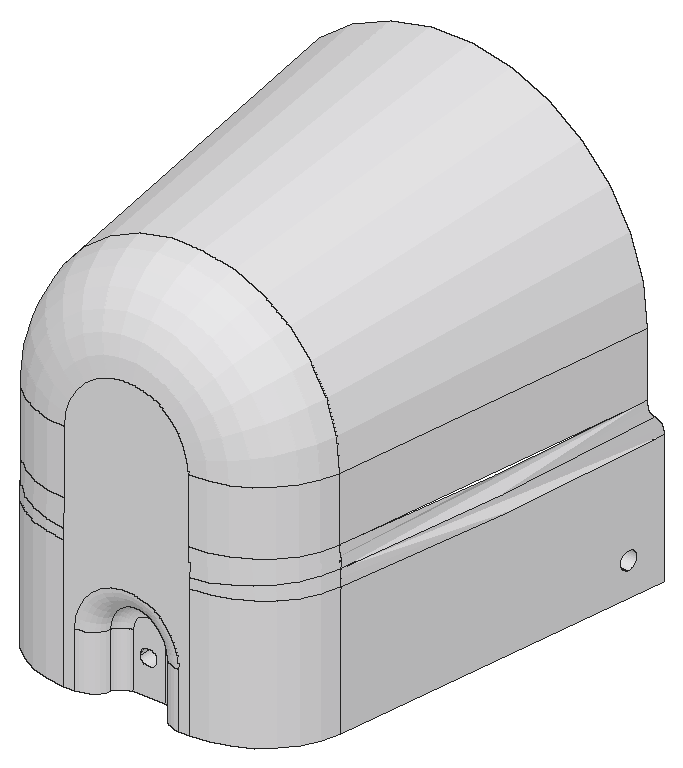
Revit family "Accessory-Shroud-KOHLER-Brenham-K-1998", category Specialty Equipment, host Face, Revit 2021
Family settings
  Host = Face
  Round Connector Dimension = Use Diameter
  Part Type = Normal
  OmniClass Number = 23.31.25.00
  OmniClass Title = Toilet and Bath Specialties
  Cut with Voids When Loaded = No
  Shared = No
  Room Calculation Point = No
Parameters (values of type "0-White")
  Width = 9 197/256"  # constant formula
  WaterSense Certified = 1 = 0  # no
  URL = "https://www.us.kohler.com/us/"
  Type = 1
  Product Page URL = "http://www.us.kohler.com/us/catalog/productDetails.jsp?productNumber=1998"
  Product Name = "Brenham"  # constant formula
  Product Documentation Link = "https://www.us.kohler.com/webassets/kpna/catalog/pdf/en/K-1998_spec_US-CA_Kohler_en.pdf"
  Model = if(Type = 1, "K-1998-0", if(Type = 2, "K-1998-7", if(Type = 3, "K-1998-96", if(Type = 4, "K-1998-SS-0", "NA"))))  # "K-1998-0"
  Material = "Vitreous China"  # constant formula
  Master Format 2014 Name = "Toilet, Bath, and Laundry Accessories"  # constant formula
  Master Format 2014 = "10 28 00"  # constant formula
  Manufacturer Address = "444 Highland Dr, Kohler, WI 53044"  # constant formula
  Manufacturer = "Kohler Co."  # constant formula
  Length = 10 161/256"  # constant formula
  Height = 10 61/128"  # constant formula
  Finish = Kohler-Vitreous_China-0-White
  Environmental Product Declaration = ""
  Description = "Shroud"  # constant formula
  Default Elevation = 28"
  Declare Label = ""
  Date Modified = "05/02/2023"  # constant formula
  Date Created = "05/02/2023"  # constant formula
  Copyright = "Copyright Kohler Co."  # constant formula
  Contact Us = "https://www.us.kohler.com/us/static/contact.jsp"
  Assembly Code = "C1030200"
  ADA Compliant = 1 = 1  # yes
Types (5): name | Type | Product Page URL | Product Documentation Link | Model | Finish
  (no name) | 1 | "http://www.us.kohler.com/us/catalog/productDetails.jsp?productNumber=1998" | "https://www.us.kohler.com/webassets/kpna/catalog/pdf/en/K-1998_spec_US-CA_Kohler_en.pdf" | "K-1998-0" | Kohler-Vitreous_China-0-White
  0-White | 1 | "http://www.us.kohler.com/us/catalog/productDetails.jsp?productNumber=1998" | "https://www.us.kohler.com/webassets/kpna/catalog/pdf/en/K-1998_spec_US-CA_Kohler_en.pdf" | "K-1998-0" | Kohler-Vitreous_China-0-White
  7-Black Black | 2 | "http://www.us.kohler.com/us/catalog/productDetails.jsp?productNumber=1998" | "https://www.us.kohler.com/webassets/kpna/catalog/pdf/en/K-1998_spec_US-CA_Kohler_en.pdf" | "K-1998-7" | Kohler-Vitreous_China-7-Black_Black
  96-Biscuit | 3 | "http://www.us.kohler.com/us/catalog/productDetails.jsp?productNumber=1998" | "https://www.us.kohler.com/webassets/kpna/catalog/pdf/en/K-1998_spec_US-CA_Kohler_en.pdf" | "K-1998-96" | Kohler-Vitreous_China-96-Biscuit
  SS, 0-White | 4 | "http://www.us.kohler.com/us/catalog/productDetails.jsp?productNumber=1998-SS" | "https://www.us.kohler.com/webassets/kpna/catalog/pdf/en/K-1998-SS_spec_US-CA_Kohler_en.pdf" | "K-1998-SS-0" | Kohler-Vitreous_China-0-White
Reference planes (in)
  plane 1 "Center (Front/Back)": y = 0
  plane 2: z = 0
  plane 3 "Center (Left/Right)": x = 0
  plane 4: y = 5.23819
  plane 5: y = -5.23837
  plane 6: x = -4.88386
  plane 7: y = 4.801
  plane 8: y = 4.23819
  plane 9: z = 0.88189
  plane 10: x = 4.88567
  plane 11: z = 10.62891
Dimensions and locks (in)
  "Height": plane 4 to plane 5
  "Width": plane 6 to plane 10
  plane 5 to plane 7 = 10.03937"
  plane 8 to plane 4 = 1"
  host face to plane 9 = 0.88189"
  "Length": plane 11 to level
  aligned and locked: plane 2 to host face
  aligned and locked: level to host face
  aligned and locked: plane 3 "Center (Left/Right)" to nested 1
  aligned and locked: plane 1 "Center (Front/Back)" to nested 1
Automatic sketch dimensions
  host sketch curve to host sketch curve = 96"  (x2)
Nested families (in)
  nested 1: "K-1998" at (0, 0, 0), type "K-1998"
Definition of nested family "K-1998"
  Parameters
    Material = none
    Default Elevation = 0"
  Reference planes (in)
    plane 1 "Center (Front/Back)": y = 0
    plane 2: z = 0
    plane 3 "Center (Left/Right)": x = 0
    plane 4: x = 4.88386
    plane 5: x = -4.88386
    plane 6: y = 5.23819
    plane 7: y = -5.23819
    plane 8: y = 4.23819
    plane 9: y = 4.80118
    plane 10: z = 10.62992
    plane 11: z = 0.88189
  Forms (in)
    Sweep 1, solid, material <- "Material", detail levels medium+fine
      path origin (0, 0, 0) x (1, 0, 0) y (0, 0, 1)
        loop
          line (4.88386, 0) -> (4.88386, 3.26224)
          arc (4.88386, 3.26224) -> (4.87982, 3.4991) -> (4.86769, 3.73568) r 6.94092
          arc (4.86769, 3.73568) -> (4.8562, 3.96004) -> (4.85236, 4.18466) r 6.58232
          line (4.85236, 4.18466) -> (4.85236, 5.77756)
          arc (4.85236, 5.77756) -> (0, 10.62992) -> (-4.85236, 5.77756) r 4.85236
          line (-4.85236, 5.77756) -> (-4.85236, 4.18466)
          arc (-4.85236, 4.18466) -> (-4.8562, 3.96004) -> (-4.86769, 3.73568) r 6.58232
          arc (-4.86769, 3.73568) -> (-4.87982, 3.4991) -> (-4.88386, 3.26224) r 6.94092
          line (-4.88386, 3.26224) -> (-4.88386, 0)
      profile origin (0, 0, 10.62992) x (0, 0, -1) y (0, -1, 0)
        loop
          line (-0.03643, -5.23819) -> (0.39797, -5.23819)
          arc (0.39797, -5.23819) -> (0.84224, -0.9634) -> (1.5002, 3.28376) r 85.72152
          arc (1.5002, 3.28376) -> (2.1347, 4.37472) -> (3.32111, 4.80512) r 1.85039
          line (3.32111, 4.80512) -> (3.54331, 4.80512) -> (3.54331, 5.23819) -> (3.32111, 5.23819)
          arc (3.32111, 5.23819) -> (1.85703, 4.70706) -> (1.07403, 3.36076) r 2.28346
          arc (1.07403, 3.36076) -> (0.41056, -0.92473) -> (-0.03643, -5.23819) r 86.15459
    Extrusion 2, solid, material <- "Material", detail levels medium+fine
      sketch origin (1.56275, -5.23819, 0) x (0, 0, 1) y (-1, 0, 0)
        loop
          arc (3.26224, 0.2222) -> (3.37818, 0.22418) -> (3.49399, 0.23011) r 3.39761
          arc (3.49399, 0.23011) -> (3.83913, 0.2478) -> (4.18466, 0.2537) r 10.12563
          line (4.18466, 0.2537) -> (5.77756, 0.2537)
          arc (5.77756, 0.2537) -> (7.08661, 1.56275) -> (5.77756, 2.87181) r 1.30906
          line (5.77756, 2.87181) -> (4.18466, 2.87181)
          arc (4.18466, 2.87181) -> (3.83913, 2.8777) -> (3.49399, 2.89539) r 10.12563
          arc (3.49399, 2.89539) -> (3.37818, 2.90132) -> (3.26224, 2.9033) r 3.39761
          line (3.26224, 2.9033) -> (1.37562, 2.9033)
          arc (1.37562, 2.9033) -> (2.71617, 1.56275) -> (1.37562, 0.2222) r 1.34055
          line (1.37562, 0.2222) -> (3.26224, 0.2222)
      from 0 to -0.43307
    Sweep 3, solid, material <- "Material", detail levels medium+fine
      path origin (1.56275, -5.23819, 0) x (0, 0, 1) y (-1, 0, 0)
        loop
          line (0, 0.2222) -> (1.37562, 0.2222)
          arc (1.37562, 0.2222) -> (2.71617, 1.56275) -> (1.37562, 2.9033) r 1.34055
          line (1.37562, 2.9033) -> (0, 2.9033)
      profile origin (1.34055, -5.23819, 0.68781) x (-1, 0, 0) y (0, -1, 0)
        loop
          line (0.05741, 0) -> (0, 0) -> (0, -0.43307) -> (0.05741, -0.43307)
          arc (0.05741, -0.43307) -> (0.14376, -0.46245) -> (0.19428, -0.53839) r 0.1416
          arc (0.19428, -0.53839) -> (0.47274, -0.95695) -> (0.94868, -1.11886) r 0.78045
          line (0.94868, -1.11886) -> (1.11414, -1.11886) -> (1.11414, -0.68579) -> (0.94868, -0.68579)
          arc (0.94868, -0.68579) -> (0.73684, -0.61372) -> (0.61289, -0.42742) r 0.34738
          arc (0.61289, -0.42742) -> (0.40786, -0.11922) -> (0.05741, 0) r 0.57467
    Extrusion 4, solid, material <- "Material", detail levels medium+fine
      sketch origin (0, -4.11932, 0) x (0, 0, 1) y (1, 0, 0)
        loop
          line (0, 0.28645) -> (0, -0.28645) -> (1.37562, -0.28645)
          arc (1.37562, -0.28645) -> (1.66206, 0) -> (1.37562, 0.28645) r 0.28645
          line (1.37562, 0.28645) -> (0, 0.28645)
        loop
          circle (0.88, 0) r 0.20472
      from 0 to -0.43307
    Extrusion 5, void
      sketch origin (0, 0, 0) x (0, 1, 0) y (0, 0, 1)
        loop
          arc (4.80118, 4.1467) -> (4.83256, 3.97739) -> (4.92253, 3.83057) r 0.47244
          line (4.92253, 3.83057) -> (5.11684, 3.61477)
          arc (5.11684, 3.61477) -> (5.20681, 3.46795) -> (5.23819, 3.29865) r 0.47244
          line (5.23819, 3.29865) -> (5.23819, 10.77756) -> (4.80118, 10.77756) -> (4.80118, 4.1467)
        loop
          circle (4.23819, 0.88) r 0.22
      from -7.39054 to 7.12261
    Sweep 6, solid, material <- "Material", detail levels coarse
      path origin (0, 0, 0) x (1, 0, 0) y (0, 0, 1)
        loop
          line (4.88386, 0) -> (4.88386, 3.26224)
          arc (4.88386, 3.26224) -> (4.87982, 3.4991) -> (4.86769, 3.73568) r 6.94092
          arc (4.86769, 3.73568) -> (4.8562, 3.96004) -> (4.85236, 4.18466) r 6.58232
          line (4.85236, 4.18466) -> (4.85236, 5.77756)
          arc (4.85236, 5.77756) -> (0, 10.62992) -> (-4.85236, 5.77756) r 4.85236
          line (-4.85236, 5.77756) -> (-4.85236, 4.18466)
          arc (-4.85236, 4.18466) -> (-4.8562, 3.96004) -> (-4.86769, 3.73568) r 6.58232
          arc (-4.86769, 3.73568) -> (-4.87982, 3.4991) -> (-4.88386, 3.26224) r 6.94092
          line (-4.88386, 3.26224) -> (-4.88386, 0)
      profile origin (0, 0, 10.62992) x (0, 0, -1) y (0, -1, 0)
        loop
          line (-0.03643, -5.23819) -> (0.39797, -5.23819)
          arc (0.39797, -5.23819) -> (0.84224, -0.9634) -> (1.5002, 3.28376) r 85.72152
          arc (1.5002, 3.28376) -> (2.1347, 4.37472) -> (3.32111, 4.80512) r 1.85039
          line (3.32111, 4.80512) -> (3.54331, 4.80512) -> (3.54331, 5.23819) -> (3.32111, 5.23819)
          arc (3.32111, 5.23819) -> (1.85703, 4.70706) -> (1.07403, 3.36076) r 2.28346
          arc (1.07403, 3.36076) -> (0.41056, -0.92473) -> (-0.03643, -5.23819) r 86.15459
    Extrusion 7, solid, material <- "Material", detail levels coarse
      sketch origin (1.56275, -5.27756, 0) x (0, 0, 1) y (-1, 0, 0)
        loop
          arc (3.26224, 0.2222) -> (3.37818, 0.22418) -> (3.49399, 0.23011) r 3.39761
          arc (3.49399, 0.23011) -> (3.83913, 0.2478) -> (4.18466, 0.2537) r 10.12563
          line (4.18466, 0.2537) -> (5.77756, 0.2537)
          arc (5.77756, 0.2537) -> (7.08661, 1.56275) -> (5.77756, 2.87181) r 1.30906
          line (5.77756, 2.87181) -> (4.18466, 2.87181)
          arc (4.18466, 2.87181) -> (3.83913, 2.8777) -> (3.49399, 2.89539) r 10.12563
          arc (3.49399, 2.89539) -> (3.37818, 2.90132) -> (3.26224, 2.9033) r 3.39761
          line (3.26224, 2.9033) -> (0, 2.9033) -> (0, 0.2222) -> (3.26224, 0.2222)
      from -0.03937 to -0.47244
  Cuts and joins
    Extrusion 5 cuts Sweep 1
    Extrusion 5 cuts Extrusion 2
    Extrusion 5 cuts Sweep 3
    Extrusion 5 cuts Extrusion 4
    joined: Sweep 1, Extrusion 2, Sweep 3, Extrusion 4
    joined: Sweep 6, Extrusion 7
  Lines and regions (in)
    Masking region 1
      outline origin (0, 0, 0) x (1, 0, 0) y (0, 1, 0)
        loop
          line (-4.44256, 5.23819) -> (-4.88363, 5.23819) -> (-4.85122, 4.80118)
          arc (-4.85122, 4.80118) -> (-4.34067, 0.557) -> (-3.44486, -3.62286) r 46.78482
          arc (-3.44486, -3.62286) -> (-2.67298, -4.78744) -> (-1.35052, -5.23819) r 2.16535
          line (-1.35052, -5.23819) -> (1.35052, -5.23819)
          arc (1.35052, -5.23819) -> (2.67298, -4.78744) -> (3.44486, -3.62286) r 2.16535
          arc (3.44486, -3.62286) -> (4.34067, 0.557) -> (4.85122, 4.80118) r 46.78482
          line (4.85122, 4.80118) -> (4.88363, 5.23819) -> (4.44256, 5.23819) -> (4.3889, 4.80118) -> (-4.3889, 4.80118) -> (-4.44256, 5.23819)
    Masking region 2
      outline origin (0, 0, 0) x (1, 0, 0) y (0, 0, 1)
        loop
          line (4.88386, 0) -> (4.88386, 3.3613)
          arc (4.88386, 3.3613) -> (4.8804, 3.52961) -> (4.87003, 3.69764) r 4.09766
          arc (4.87003, 3.69764) -> (4.85576, 3.92892) -> (4.851, 4.1606) r 5.64041
          line (4.851, 4.1606) -> (4.851, 5.77892)
          arc (4.851, 5.77892) -> (0, 10.62992) -> (-4.851, 5.77892) r 4.851
          line (-4.851, 5.77892) -> (-4.851, 4.1606)
          arc (-4.851, 4.1606) -> (-4.85576, 3.92892) -> (-4.87003, 3.69764) r 5.64041
          arc (-4.87003, 3.69764) -> (-4.8804, 3.52961) -> (-4.88386, 3.3613) r 4.09766
          line (-4.88386, 3.3613) -> (-4.88386, 0) -> (4.88386, 0)
        loop
          circle (0, 0.88) r 0.22
    Masking region 3
      outline origin (0, 0, 0) x (0, 1, 0) y (0, 0, 1)
        loop
          line (-5.23819, 0) -> (5.23819, 0) -> (5.23819, 3.28807)
          arc (5.23819, 3.28807) -> (5.20498, 3.46725) -> (5.10976, 3.62263) r 0.5
          line (5.10976, 3.62263) -> (4.92662, 3.82604)
          arc (4.92662, 3.82604) -> (4.8419, 3.95615) -> (4.80118, 4.10598) r 0.5
          line (4.80118, 4.10598) -> (4.80118, 10.62992)
          arc (4.80118, 10.62992) -> (0.66532, 10.17238) -> (-3.4474, 9.53974) r 98.0264
          arc (-3.4474, 9.53974) -> (-4.73112, 8.79945) -> (-5.23819, 7.40702) r 2.16535
          line (-5.23819, 7.40702) -> (-5.23819, 0)
        loop
          circle (4.23819, 0.88) r 0.22
    symbolic lines, detail levels medium+fine
      curve 1: line (-4.3889, 4.80118, 0) -> (-4.85122, 4.80118, 0)
      curve 2: line (4.3889, 4.80118, 0) -> (4.85122, 4.80118, 0)
      curve 3: arc (4.41793, 0, 5.77892) -> (0, 0, 10.19685) -> (-4.41793, 0, 5.77892) r 4.41793
      curve 4: line (-4.41793, 0, 5.77892) -> (-4.41793, 0, 4.1606)
      curve 5: arc (-4.41793, 0, 4.1606) -> (-4.42305, 0, 3.91114) -> (-4.43842, 0, 3.66209) r 6.07348
      curve 6: arc (-4.43842, 0, 3.66209) -> (-4.44769, 0, 3.51182) -> (-4.45079, 0, 3.3613) r 3.66459
      curve 7: line (-4.45079, 0, 3.3613) -> (-4.45079, 0, 0)
      curve 8: line (4.45079, 0, 0) -> (4.45079, 0, 3.3613)
      curve 9: arc (4.45079, 0, 3.3613) -> (4.44769, 0, 3.51182) -> (4.43842, 0, 3.66209) r 3.66459
      curve 10: arc (4.43842, 0, 3.66209) -> (4.42305, 0, 3.91114) -> (4.41793, 0, 4.1606) r 6.07348
      curve 11: line (4.41793, 0, 4.1606) -> (4.41793, 0, 5.77892)
      curve 12: spline (4.36198, 0, 1.1) -> (4.35512, 0, 1.09193) -> (4.34878, 0, 1.06792) -> (4.34342, 0, 1.02978) -> (4.33945, 0, 0.98036) -> (4.33717, 0, 0.9234) -> (4.33674, 0, 0.86317) -> (4.33821, 0, 0.8042) -> (4.34147, 0, 0.75094) -> (4.34625, 0, 0.70739) -> (4.35222, 0, 0.67682) -> (4.35891, 0, 0.66154) -> (4.36583, 0, 0.66269)
      curve 13: spline (4.36583, 0, 0.66269) -> (4.37159, 0, 0.67786) -> (4.37677, 0, 0.70549) -> (4.38104, 0, 0.74389) -> (4.38413, 0, 0.79068) -> (4.38587, 0, 0.84298) -> (4.38614, 0, 0.89757) -> (4.38492, 0, 0.95107) -> (4.38229, 0, 1.00019) -> (4.37841, 0, 1.0419) -> (4.37353, 0, 1.07361) -> (4.36793, 0, 1.09339) -> (4.36198, 0, 1.1)
      curve 14: spline (-4.36198, 0, 1.1) -> (-4.35512, 0, 1.09193) -> (-4.34878, 0, 1.06792) -> (-4.34342, 0, 1.02978) -> (-4.33945, 0, 0.98036) -> (-4.33717, 0, 0.9234) -> (-4.33674, 0, 0.86317) -> (-4.33821, 0, 0.8042) -> (-4.34147, 0, 0.75094) -> (-4.34625, 0, 0.70739) -> (-4.35222, 0, 0.67682) -> (-4.35891, 0, 0.66154) -> (-4.36583, 0, 0.66269)
      curve 15: spline (-4.36583, 0, 0.66269) -> (-4.37159, 0, 0.67786) -> (-4.37677, 0, 0.70549) -> (-4.38104, 0, 0.74389) -> (-4.38413, 0, 0.79068) -> (-4.38587, 0, 0.84298) -> (-4.38614, 0, 0.89757) -> (-4.38492, 0, 0.95107) -> (-4.38229, 0, 1.00019) -> (-4.37841, 0, 1.0419) -> (-4.37353, 0, 1.07361) -> (-4.36793, 0, 1.09339) -> (-4.36198, 0, 1.1)
      curve 16: line (1.21326, 0, 0) -> (1.21326, 0, 1.34604)
      curve 17: line (-1.21326, 0, 0) -> (-1.21326, 0, 1.34604)
      curve 18: arc (1.21326, 0, 1.34604) -> (0, 0, 2.5593) -> (-1.21326, 0, 1.34604) r 1.21326
      curve 19: line (-1.64633, 0, 0) -> (-1.64633, 0, 1.34604)
      curve 20: arc (-1.64633, 0, 1.34604) -> (0, 0, 2.99237) -> (1.64633, 0, 1.34604) r 1.64633
      curve 21: line (1.64633, 0, 1.34604) -> (1.64633, 0, 0)
      curve 22: line (0.62271, 0, 0) -> (0.62271, 0, 1.34604)
      curve 23: arc (0.62271, 0, 1.34604) -> (0, 0, 1.96875) -> (-0.62271, 0, 1.34604) r 0.62271
      curve 24: line (-0.62271, 0, 1.34604) -> (-0.62271, 0, 0)
      curve 25: line (1.36179, 0, 2.2712) -> (1.36179, 0, 6.06489)
      curve 26: line (-1.36179, 0, 2.2712) -> (-1.36179, 0, 6.06489)
      curve 27: arc (1.36179, 0, 6.06489) -> (0, 0, 7.42668) -> (-1.36179, 0, 6.06489) r 1.36179
      curve 28: line (-3.13345, 0, 0) -> (-3.13345, 0, 6.06489)
      curve 29: arc (-3.13345, 0, 6.06489) -> (0, 0, 9.19833) -> (3.13345, 0, 6.06489) r 3.13345
      curve 30: line (3.13345, 0, 6.06489) -> (3.13345, 0, 0)
      curve 31: line (4.43563, 5.18178, 0) -> (4.87944, 5.18178, 0)
      curve 32: line (4.40032, 4.89421, 0) -> (4.85812, 4.89421, 0)
      curve 33: line (-4.43563, 5.18178, 0) -> (-4.87944, 5.18178, 0)
      curve 34: line (-4.40032, 4.89421, 0) -> (-4.85812, 4.89421, 0)
      curve 35: line (-4.41793, 0, 4.1606) -> (-4.851, 0, 4.1606)
      curve 36: line (-4.43842, 0, 3.66209) -> (-4.87307, 0, 3.66209)
      curve 37: line (-4.45079, 0, 3.3613) -> (-4.88386, 0, 3.3613)
      curve 38: line (4.41793, 0, 4.1606) -> (4.851, 0, 4.1606)
      curve 39: line (4.43842, 0, 3.66209) -> (4.87307, 0, 3.66209)
      curve 40: line (4.45079, 0, 3.3613) -> (4.88386, 0, 3.3613)
  Dimensions and locks (in)
    plane 5 to plane 4 = 9.76772"
    plane 10 to level = 10.62992"
    plane 11 to level = 0.88189"
    plane 8 to plane 6 = 1"
    plane 7 to plane 9 = 10.03937"
    plane 7 to plane 6 = 10.47638"
    level to plane 10 = 10.62992"
    plane 4 to plane 5 = 9.76772"
    aligned and locked: plane 2 to level
